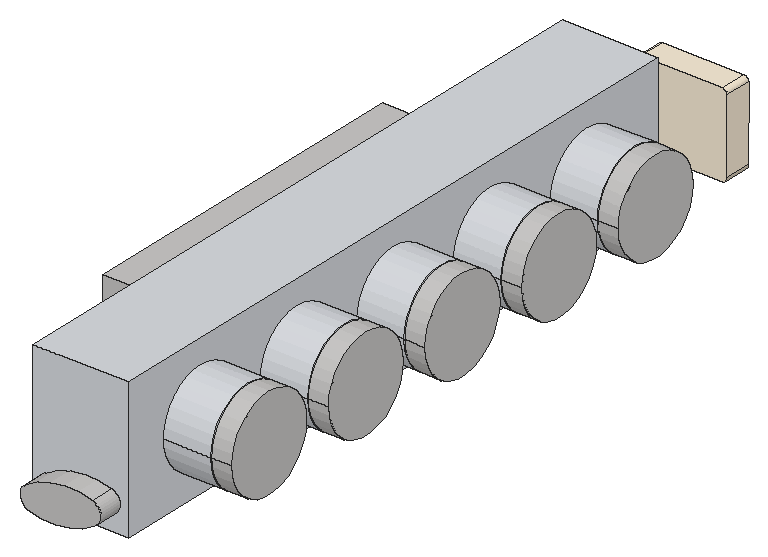
Revit family "HVAC_Ductwork_Airzone_Motorized-Plenum_LG_Standard_5-Dampers", category Mechanical Equipment, Revit 2016
Family settings
  Part Type = Normal
  Round Connector Dimension = Use Diameter
  OmniClass Number = 23.75.70.14
  OmniClass Title = Air Ductwork
  Work Plane-Based = No
  Always vertical = Yes
  Cut with Voids When Loaded = No
  Shared = No
  Room Calculation Point = No
Parameters (values of type "LGEST01S5")
  Voltage = 230 V
  URL = "www.airzone.es"
  Type Image Comments = "Image available in product documentation download"  # constant formula
  Revit Model Version = "1.0"  # constant formula
  Revit Model Author URL = "www.a3d.es"
  Revit Model Author = "A3D Consulting"  # constant formula
  Product Documentation Download URL = "http://doc.airzone.es/BIM/Easyzone/LG-Airzone_motorized_plenum.zip"
  Product Comments = "Refer to technical documentation for further details"  # constant formula
  Power Factor = 1
  Neck Width = 753.600 mm
  Neck Length = 95.000 mm
  Neck Height = 166.600 mm
  Material = Metal - AIRZONE - Galvanized Sheet - Semi-polished
  Main Control Board Material = Plastic - AIRZONE - Smooth - Off-white
  Load Classification = Other
  Insulated Body Width = 205.000 mm  # constant formula
  Insulated Body Material = Metal -AIRZONE - Insulating Lining -Aluminum Finish
  Insulated Body Length = 1425.000 mm  # constant formula
  Insulated Body Height = 300.000 mm  # constant formula
  Flow [instance] = Damper 5 Air Flow + Damper 4 Air Flow + Damper 3 Air Flow + Damper 2 Air Flow + Damper 1 Air Flow - Fresh Air Inlet 2 Flow - Fresh Air Inlet 1 Flow  # 1500 m³/h
  Fresh Air Inlet 1 Flow [instance] = 0 m³/h
  Fresh Air Inlet 2 Flow [instance] = 0 m³/h
  Fresh Air Inlet Connection Width = 175.000 mm
  Fresh Air Inlet Connection Height = 75.000 mm
  Model = "LGEST01S5"
  Neck Side Offset = 364.700 mm
  Neck Bottom Offset = 100.200 mm
  Type Image = <None>
  Manufacturer = "AIRZONE"  # constant formula
  Main Control Board Depth = 57.000 mm  # constant formula
  Main Control Board Width = 195.000 mm  # constant formula
  Main Control Board Height = 180.000 mm  # constant formula
  Fixing = ""
  Disclaimer = "All information provided in this model is reviewed before being published. However, Airzone cannot guarantee this model is error-free, therefore users are strongly encouraged to check for technical documentation and updates"  # constant formula
  Description = "Airzone standard motorized plenum with neck that mechanically adapts to the main ducted AC units of LG."
  Type Comments = ""
  Dampers Length = 149.000 mm  # constant formula
  Dampers Diameter = 200.000 mm  # constant formula
  Damper 5 Air Flow [instance] = 300 m³/h
  Damper 4 Air Flow [instance] = 300 m³/h
  Damper 1 Air Flow [instance] = 300 m³/h
  Damper 2 Air Flow [instance] = 300 m³/h
  Damper 3 Air Flow [instance] = 300 m³/h
  Fresh Air Inlet Connection Offset Height = 48.305 mm  # constant formula
  Compatible Accesories = ""
  Apparent Load = 57.5 VA
Types (6, lengths in mm): name | Neck Width | Neck Height | Model | Neck Side Offset | Neck Bottom Offset
  LGEST02L5 | 1209.600 | 203.600 | "LGEST02L5" | 110.700 | 63.200
  LGEST02M5 | 860.600 | 203.600 | "LGEST02M5" | 232.200 | 63.200
  LGEST02S5 | 860.600 | 203.600 | "LGEST02S5" | 282.200 | 63.200
  LGEST01L5 | 833.600 | 189.600 | "LGEST01L5" | 306.700 | 77.200
  LGEST01M5 | 833.600 | 189.600 | "LGEST01M5" | 306.700 | 77.200
  LGEST01S5 | 753.600 | 166.600 | "LGEST01S5" | 364.700 | 100.200
Reference planes
  plane 1 "Center (Front/Back)": y = 0
  plane 2 "Center (Elevation)": z = 0
  plane 3 "Center (Left/Right)": x = 0
  plane 4 "Neck Back": y = 376.8
  plane 5 "Neck Front": y = -376.8
  plane 6 "Neck Top": z = 83.3
  plane 7 "Neck Bottom": z = -83.3
  plane 8 "Left": x = 95
  plane 9 "Bottom": z = -183.5
  plane 10 "Top": z = 116.5
  plane 11 "Front": y = -683.5
  plane 12 "Back": y = 741.5
  plane 13 "Right": x = 300
  plane 14 "Dampers Front": x = 449
  plane 15 "Dampers Center (Elevation)": z = -33.5
  plane 16 "Damper3": y = 29
  plane 17 "Damper2": y = 289
  plane 18 "Damper1": y = 549
  plane 19 "Middle": y = 29
  plane 20 "FreshAir Center (Elevation)": z = -135.195
  plane 21 "FreshAir1": y = 794
  plane 22 "FreshAir2": y = -736
  plane 23 "Dampers Lining": x = 404
  plane 24 "FreshAir Vertical Axis": x = 195.83
  plane 25 "ConnectionBox Side": x = 254
  plane 26 "Main Control Board Center (Left/Right)": x = 351.5
  plane 27 "Damper4": y = -231
  plane 28 "Damper5": y = -491
Forms (mm)
  Extrusion 1, solid, material "Metal - AIRZONE - Galvanized Sheet - Semi-polished" <- "Material"
    sketch origin (0, 0, 0) x (0, 1, 0) y (0, 0, 1)
      loop
        line (-376.8, 83.3) -> (-376.8, -83.3) -> (376.8, -83.3) -> (376.8, 83.3) -> (-376.8, 83.3)
    from 0 to 95
  Extrusion 2, solid, material "Metal -AIRZONE - Insulating Lining -Aluminum Finish" <- "Insulated Body Material"
    sketch origin (95, 0, 0) x (0, 1, 0) y (0, 0, 1)
      loop
        line (-683.5, 116.5) -> (-683.5, -183.5) -> (741.5, -183.5) -> (741.5, 116.5) -> (-683.5, 116.5)
    from 0 to 205
  Extrusion 3, solid, material "Metal - AIRZONE - Galvanized Sheet - Semi-polished" <- "Material"
    sketch origin (300, 0, 0) x (0, 1, 0) y (0, 0, 1)
      loop
        circle (29, -33.5) r 100
    from 104 to 149
  Extrusion 4, solid, material "Metal - AIRZONE - Galvanized Sheet - Semi-polished" <- "Material"
    sketch origin (300, 0, 0) x (0, 1, 0) y (0, 0, 1)
      loop
        circle (289, -33.5) r 100
    from 104 to 149
  Extrusion 5, solid, material "Metal - AIRZONE - Galvanized Sheet - Semi-polished" <- "Material"
    sketch origin (300, 0, 0) x (0, 1, 0) y (0, 0, 1)
      loop
        circle (549, -33.5) r 100
    from 104 to 149
  Extrusion 6, solid, material "Metal - AIRZONE - Galvanized Sheet - Semi-polished" <- "Material"
    sketch origin (0, -683.5, 0) x (0, 0, 1) y (1, 0, 0)
      loop
        arc (-102.641, 265.204) -> (-124.108, 282.105) -> (-148.812, 270.434) r 25.96
        arc (-148.812, 270.434) -> (-174.802, 200.598) -> (-167.349, 126.456) r 164.67
        arc (-167.349, 126.456) -> (-146.165, 109.589) -> (-121.494, 120.751) r 25.96
        arc (-121.494, 120.751) -> (-95.225, 190.78) -> (-102.641, 265.204) r 164.67
    from 0 to -52.5
  Extrusion 7, solid, material "Metal - AIRZONE - Galvanized Sheet - Semi-polished" <- "Material"
    sketch origin (0, 741.5, 0) x (0, 0, 1) y (1, 0, 0)
      loop
        arc (-102.641, 265.204) -> (-123.825, 282.071) -> (-148.496, 270.909) r 25.96
        arc (-148.496, 270.909) -> (-174.679, 201.53) -> (-167.767, 127.699) r 164.67
        arc (-167.767, 127.699) -> (-146.532, 109.637) -> (-121.178, 121.226) r 25.96
        arc (-121.178, 121.226) -> (-95.188, 191.062) -> (-102.641, 265.204) r 164.67
    from 0 to 52.5
  Extrusion 8, solid, material "Metal -AIRZONE - Insulating Lining -Aluminum Finish" <- "Insulated Body Material"
    sketch origin (300, 0, 0) x (0, 1, 0) y (0, 0, 1)
      loop
        circle (549, -33.5) r 100
    from 0 to 104
  Extrusion 9, solid, material "Metal -AIRZONE - Insulating Lining -Aluminum Finish" <- "Insulated Body Material"
    sketch origin (300, -260, 0) x (0, 1, 0) y (0, 0, 1)
      loop
        circle (549, -33.5) r 100
    from 0 to 104
  Extrusion 10, solid, material "Metal -AIRZONE - Insulating Lining -Aluminum Finish" <- "Insulated Body Material"
    sketch origin (300, -520, 0) x (0, 1, 0) y (0, 0, 1)
      loop
        circle (549, -33.5) r 100
    from 0 to 104
  Extrusion 11, solid, material "Metal - AIRZONE - Galvanized Sheet - Semi-polished" <- "Material"
    sketch origin (300, -190, 0) x (0, 1, 0) y (0, 0, 1)
      loop
        circle (-41, -33.5) r 100
    from 104 to 149
  Extrusion 12, solid, material "Metal -AIRZONE - Insulating Lining -Aluminum Finish" <- "Insulated Body Material"
    sketch origin (300, -710, 0) x (0, 1, 0) y (0, 0, 1)
      loop
        circle (479, -33.5) r 100
    from 0 to 104
  Extrusion 13, solid, material "Metal -AIRZONE - Insulating Lining -Aluminum Finish" <- "Insulated Body Material"
    sketch origin (300, -970, 0) x (0, 1, 0) y (0, 0, 1)
      loop
        circle (479, -33.5) r 100
    from 0 to 104
  Extrusion 14, solid, material "Metal - AIRZONE - Galvanized Sheet - Semi-polished" <- "Material"
    sketch origin (300, -450, 0) x (0, 1, 0) y (0, 0, 1)
      loop
        circle (-41, -33.5) r 100
    from 104 to 149
Lines and regions (mm)
  Masking region 1
    outline origin (0, 0, 0) x (1, 0, 0) y (0, 1, 0)
      loop
        line (95, 741.5) -> (95, -683.5) -> (300, -683.5) -> (300, 741.5) -> (95, 741.5)
  Masking region 2, detail levels medium+fine
    outline origin (0, 0, 0) x (1, 0, 0) y (0, 1, 0)
      loop
        line (0, 376.8) -> (0, -376.8) -> (95, -376.8) -> (95, 376.8) -> (0, 376.8)
  Masking region 3, detail levels medium+fine
    outline origin (0, 0, 0) x (1, 0, 0) y (0, 1, 0)
      loop
        line (300, 129) -> (300, -71) -> (449, -71) -> (449, 129) -> (300, 129)
  Masking region 4, detail levels medium+fine
    outline origin (0, 260, 0) x (1, 0, 0) y (0, 1, 0)
      loop
        line (300, 129) -> (300, -71) -> (449, -71) -> (449, 129) -> (300, 129)
  Masking region 5, detail levels medium+fine
    outline origin (0, 520, 0) x (1, 0, 0) y (0, 1, 0)
      loop
        line (300, 129) -> (300, -71) -> (449, -71) -> (449, 129) -> (300, 129)
  Masking region 6, detail levels medium+fine
    outline origin (0, 0, -135.195) x (1, 0, 0) y (0, 1, 0)
      loop
        line (108.33, 794) -> (108.33, 741.5) -> (283.33, 741.5) -> (283.33, 794) -> (108.33, 794)
  Masking region 7, detail levels medium+fine
    outline origin (0, 0, -135.195) x (1, 0, 0) y (0, 1, 0)
      loop
        line (108.33, -683.5) -> (108.33, -736) -> (283.33, -736) -> (283.33, -683.5) -> (108.33, -683.5)
  Masking region 8, detail levels medium+fine
    outline origin (0, 0, 116.5) x (0, -1, 0) y (1, 0, 0)
      loop
        line (-798.5, 254) -> (-741.5, 254) -> (-741.5, 449) -> (-798.5, 449) -> (-798.5, 254)
  Masking region 9, detail levels medium+fine
    outline origin (0, -190, 0) x (1, 0, 0) y (0, 1, 0)
      loop
        line (300, 59) -> (300, -141) -> (449, -141) -> (449, 59) -> (300, 59)
  Masking region 10, detail levels medium+fine
    outline origin (0, -450, 0) x (1, 0, 0) y (0, 1, 0)
      loop
        line (300, 59) -> (300, -141) -> (449, -141) -> (449, 59) -> (300, 59)
  symbolic lines, detail levels coarse
    curve 1: line (95, -683.5, 0) -> (300, 29, 0)
    curve 2: line (300, 29, 0) -> (95, 741.5, 0)
Dimensions and locks
  equal spacing: plane 4 "Neck Back", plane 1 "Center (Front/Back)", plane 5 "Neck Front"
  "Neck Width": plane 4 "Neck Back" to plane 5 "Neck Front"
  equal spacing: plane 6 "Neck Top", level, plane 7 "Neck Bottom"
  "Neck Height": plane 6 "Neck Top" to plane 7 "Neck Bottom"
  "Neck Length": plane 3 "Center (Left/Right)" to plane 8 "Left"
  "Neck Bottom Offset": plane 7 "Neck Bottom" to plane 9 "Bottom"
  "Insulated Body Height": plane 10 "Top" to plane 9 "Bottom"
  "Insulated Body Length": plane 12 "Back" to plane 11 "Front"
  "Insulated Body Width": plane 8 "Left" to plane 13 "Right"
  "Dampers Length": plane 13 "Right" to plane 14 "Dampers Front"
  equal spacing: plane 10 "Top", plane 15 "Dampers Center (Elevation)", plane 9 "Bottom"
  equal spacing: plane 12 "Back", plane 19 "Middle", plane 11 "Front"
  plane 8 "Left" to plane 13 "Right" = 205.000 mm
  "Fresh Air Inlet Connection Offset Height": plane 20 "FreshAir Center (Elevation)" to plane 9 "Bottom"
  locked: Extrusion 6 sketch curve to plane 9 "Bottom" at 56.47
  locked: plane 13 "Right" to Extrusion 6 sketch curve at 43.69
  locked: plane 13 "Right" to Extrusion 6 sketch curve at 164.65
  locked: Extrusion 6 sketch curve to plane 9 "Bottom" at 40.54
  locked: plane 13 "Right" to Extrusion 6 sketch curve at 87.91
  locked: plane 9 "Bottom" to Extrusion 6 sketch curve at 75.01
  locked: plane 13 "Right" to Extrusion 6 sketch curve at 120.43
  locked: Extrusion 6 sketch curve to plane 9 "Bottom" at 172.02
  locked: plane 13 "Right" to Extrusion 7 sketch curve at 43.69
  locked: Extrusion 7 sketch curve to plane 9 "Bottom" at 56.47
  locked: Extrusion 7 sketch curve to plane 9 "Bottom" at 40.54
  locked: plane 13 "Right" to Extrusion 7 sketch curve at 164.65
  locked: plane 13 "Right" to Extrusion 7 sketch curve at 120.43
  locked: Extrusion 7 sketch curve to plane 9 "Bottom" at 172.02
  locked: plane 9 "Bottom" to Extrusion 7 sketch curve at 75.01
  locked: plane 13 "Right" to Extrusion 7 sketch curve at 87.91
  "Neck Side Offset": plane 12 "Back" to plane 4 "Neck Back"
  locked: plane 21 "FreshAir1" to plane 12 "Back" at 52.5
  plane 11 "Front" to plane 22 "FreshAir2" = 52.500 mm
  locked: connector elem to plane 13 "Right" at 104.17
  locked: plane 20 "FreshAir Center (Elevation)" to connector elem
  locked: plane 13 "Right" to connector elem at 104.17
  locked: connector elem to plane 20 "FreshAir Center (Elevation)"
  locked: plane 23 "Dampers Lining" to plane 14 "Dampers Front" at 45
  locked: plane 24 "FreshAir Vertical Axis" to plane 13 "Right" at 104.17
  equal spacing: Masking region 3 sketch curve, plane 16 "Damper3", Masking region 3 sketch curve
  "Dampers Diameter": Masking region 3 sketch curve to Masking region 3 sketch curve
  "Dampers Diameter": Masking region 4 sketch curve to Masking region 4 sketch curve
  equal spacing: Masking region 5 sketch curve, plane 18 "Damper1", Masking region 5 sketch curve
  "Dampers Diameter": Masking region 5 sketch curve to Masking region 5 sketch curve
  equal spacing: Masking region 6 sketch curve, plane 24 "FreshAir Vertical Axis", Masking region 6 sketch curve
  "Fresh Air Inlet Connection Width": Masking region 6 sketch curve to Masking region 6 sketch curve
  equal spacing: Masking region 7 sketch curve, plane 24 "FreshAir Vertical Axis", Masking region 7 sketch curve
  "Fresh Air Inlet Connection Width": Masking region 7 sketch curve to Masking region 7 sketch curve
  "Main Control Board Depth": Masking region 8 sketch curve to plane 12 "Back"
  "Main Control Board Width": plane 25 "ConnectionBox Side" to plane 14 "Dampers Front"
  equal spacing: plane 25 "ConnectionBox Side", plane 26 "Main Control Board Center (Left/Right)", plane 14 "Dampers Front"
  locked: nested 1 to plane 10 "Top" at 10
  equal spacing: Masking region 4 sketch curve, plane 17 "Damper2", Masking region 4 sketch curve
  equal spacing: Masking region 9 sketch curve, plane 27 "Damper4", Masking region 9 sketch curve
  "Dampers Diameter": Masking region 9 sketch curve to Masking region 9 sketch curve
  plane 18 "Damper1" to plane 17 "Damper2" to plane 16 "Damper3" to plane 27 "Damper4" to plane 28 "Damper5" = 260.000 mm locked, 260.000 mm locked, 260.000 mm locked, 260.000 mm locked
  locked: plane 19 "Middle" to plane 16 "Damper3"
  equal spacing: Masking region 10 sketch curve, plane 28 "Damper5", Masking region 10 sketch curve
  "Dampers Diameter": Masking region 10 sketch curve to Masking region 10 sketch curve
  "Dampers Diameter": diameter of Extrusion 3 sketch curve
  "Dampers Diameter": diameter of Extrusion 4 sketch curve
  "Dampers Diameter": diameter of Extrusion 5 sketch curve
  radius of Extrusion 7 sketch curve = 164.670 mm  (x2)
  radius of Extrusion 7 sketch curve = 25.960 mm  (x2)
  radius of Extrusion 6 sketch curve = 164.670 mm  (x2)
  radius of Extrusion 6 sketch curve = 25.960 mm  (x2)
  "Dampers Diameter": diameter of Extrusion 8 sketch curve
  "Dampers Diameter": diameter of Extrusion 9 sketch curve
  "Dampers Diameter": diameter of Extrusion 10 sketch curve
  "Dampers Diameter": diameter of Extrusion 11 sketch curve
  "Dampers Diameter": diameter of Extrusion 12 sketch curve
  "Dampers Diameter": diameter of Extrusion 13 sketch curve
  "Dampers Diameter": diameter of Extrusion 14 sketch curve
  aligned and locked: level to plane 2 "Center (Elevation)"
  aligned and locked: plane 5 "Neck Front" to Extrusion 1 sketch curve
  aligned and locked: Extrusion 1 sketch curve to plane 6 "Neck Top"
  aligned and locked: Extrusion 1 sketch curve to plane 4 "Neck Back"
  aligned and locked: plane 7 "Neck Bottom" to Extrusion 1 sketch curve
  aligned and locked: Extrusion 1 to plane 3 "Center (Left/Right)"
  aligned and locked: Extrusion 2 sketch curve to plane 10 "Top"
  aligned and locked: Extrusion 2 sketch curve to plane 12 "Back"
  aligned and locked: plane 9 "Bottom" to Extrusion 2 sketch curve
  aligned and locked: plane 11 "Front" to Extrusion 2 sketch curve
  aligned and locked: plane 13 "Right" to Extrusion 2
  aligned and locked: Extrusion 2 to plane 8 "Left"
  aligned and locked: plane 16 "Damper3" to Extrusion 3 sketch curve
  aligned and locked: plane 15 "Dampers Center (Elevation)" to Extrusion 3 sketch curve
  aligned and locked: plane 15 "Dampers Center (Elevation)" to Extrusion 4 sketch curve
  aligned and locked: plane 18 "Damper1" to Extrusion 5 sketch curve
  aligned and locked: plane 15 "Dampers Center (Elevation)" to Extrusion 5 sketch curve
  aligned and locked: plane 14 "Dampers Front" to Extrusion 5
  aligned and locked: plane 14 "Dampers Front" to Extrusion 4
  aligned and locked: plane 14 "Dampers Front" to Extrusion 3
  aligned and locked: plane 8 "Left" to Extrusion 1
  aligned and locked: plane 22 "FreshAir2" to Extrusion 6
  aligned and locked: plane 21 "FreshAir1" to Extrusion 7
  aligned and locked: Extrusion 7 to plane 12 "Back"
  aligned and locked: plane 11 "Front" to Extrusion 6
  aligned and locked: Extrusion 5 to plane 23 "Dampers Lining"
  aligned and locked: Extrusion 5 to Extrusion 4
  aligned and locked: Extrusion 4 to Extrusion 3
  aligned and locked: plane 23 "Dampers Lining" to Extrusion 8
  aligned and locked: Extrusion 10 to plane 13 "Right"
  aligned and locked: plane 23 "Dampers Lining" to Extrusion 10
  aligned and locked: Extrusion 9 to plane 13 "Right"
  aligned and locked: plane 23 "Dampers Lining" to Extrusion 9
  aligned and locked: Extrusion 8 to plane 13 "Right"
  aligned and locked: Extrusion 9 to Extrusion 8
  aligned and locked: plane 18 "Damper1" to Extrusion 8 sketch curve
  aligned and locked: plane 15 "Dampers Center (Elevation)" to Extrusion 8 sketch curve
  aligned and locked: plane 15 "Dampers Center (Elevation)" to Extrusion 9 sketch curve
  aligned and locked: plane 16 "Damper3" to Extrusion 10 sketch curve
  aligned and locked: plane 15 "Dampers Center (Elevation)" to Extrusion 10 sketch curve
  aligned and locked: Masking region 1 sketch curve to plane 12 "Back"
  aligned and locked: plane 8 "Left" to Masking region 1 sketch curve
  aligned and locked: Masking region 1 sketch curve to plane 13 "Right"
  aligned and locked: plane 11 "Front" to Masking region 1 sketch curve
  aligned and locked: plane 5 "Neck Front" to Masking region 2 sketch curve
  aligned and locked: plane 3 "Center (Left/Right)" to Masking region 2 sketch curve
  aligned and locked: Masking region 2 sketch curve to plane 4 "Neck Back"
  aligned and locked: Masking region 2 sketch curve to plane 8 "Left"
  aligned and locked: plane 13 "Right" to Masking region 3 sketch curve
  aligned and locked: Masking region 3 sketch curve to plane 14 "Dampers Front"
  aligned and locked: plane 13 "Right" to Masking region 4 sketch curve
  aligned and locked: Masking region 4 sketch curve to plane 14 "Dampers Front"
  aligned and locked: plane 13 "Right" to Masking region 5 sketch curve
  aligned and locked: Masking region 5 sketch curve to plane 14 "Dampers Front"
  aligned and locked: plane 12 "Back" to Masking region 6 sketch curve
  aligned and locked: Masking region 6 sketch curve to plane 21 "FreshAir1"
  aligned and locked: Masking region 7 sketch curve to plane 11 "Front"
  aligned and locked: Masking region 7 sketch curve to plane 22 "FreshAir2"
  aligned and locked: plane 12 "Back" to Masking region 8 sketch curve
  aligned and locked: Masking region 8 sketch curve to plane 14 "Dampers Front"
  aligned and locked: plane 25 "ConnectionBox Side" to Masking region 8 sketch curve
  aligned and locked: plane 17 "Damper2" to Extrusion 9 sketch curve
  aligned and locked: plane 17 "Damper2" to Extrusion 4 sketch curve
  aligned and locked: Masking region 9 sketch curve to plane 14 "Dampers Front"
  aligned and locked: plane 13 "Right" to Masking region 9 sketch curve
  aligned and locked: Extrusion 12 to plane 13 "Right"
  aligned and locked: plane 23 "Dampers Lining" to Extrusion 12
  aligned and locked: Extrusion 11 to plane 23 "Dampers Lining"
  aligned and locked: plane 14 "Dampers Front" to Extrusion 11
  aligned and locked: plane 15 "Dampers Center (Elevation)" to Extrusion 12 sketch curve
  aligned and locked: plane 27 "Damper4" to Extrusion 12 sketch curve
  aligned and locked: plane 15 "Dampers Center (Elevation)" to Extrusion 11 sketch curve
  aligned and locked: plane 27 "Damper4" to Extrusion 11 sketch curve
  aligned and locked: Masking region 10 sketch curve to plane 14 "Dampers Front"
  aligned and locked: plane 13 "Right" to Masking region 10 sketch curve
  aligned and locked: plane 28 "Damper5" to Extrusion 13 sketch curve
  aligned and locked: plane 15 "Dampers Center (Elevation)" to Extrusion 13 sketch curve
  aligned and locked: Extrusion 14 to plane 23 "Dampers Lining"
  aligned and locked: plane 14 "Dampers Front" to Extrusion 14
  aligned and locked: plane 15 "Dampers Center (Elevation)" to Extrusion 14 sketch curve
  aligned and locked: plane 28 "Damper5" to Extrusion 14 sketch curve
  aligned and locked: nested 1 to plane 26 "Main Control Board Center (Left/Right)"
Automatic sketch dimensions
  curve 2 to plane 8 "Left" = 0.000 mm
  curve 1 to plane 8 "Left" = 0.000 mm
  curve 2 to plane 13 "Right" = 0.000 mm
  curve 1 to plane 11 "Front" = 0.000 mm
  curve 2 to plane 16 "Damper3" = 0.000 mm
  curve 2 to plane 12 "Back" = 0.000 mm
Nested families
  nested 1: "Airzone_Main-Control-Board" at (351.5, 741.5, 16.5) x (-1, 0, 0) z (0, 1, 0), Extrusion <- "Main Control Board Depth", Height <- "Main Control Board Height", Width <- "Main Control Board Width", Material <- "Main Control Board Material", type "Standard"
    with Width 195.000 mm, Material Plastic - AIRZONE - Smooth - Off-white, Height 180.000 mm, Extrusion 57.000 mm
Connectors
  hvac at (449, 29, -33.5), driven by "Damper 3 Air Flow", driven by "Dampers Diameter"
    settings: on Extrusion 3, index 1, duct flow 300 m³/h, flow factor 0, pres drop 0.0 Pa, loss coef 0, conn angle 0.00°, conn width 304.8 mm, conn height 304.8 mm, conn diameter 200 mm, duct sys type 1, conn prof type 0, flow config 0, flow direction 2, loss method 0, conn ref index -1, conn util no, is conn primary no, conn desc "Supply Air Out 3"
  hvac at (449, 289, -33.5), driven by "Damper 2 Air Flow", driven by "Dampers Diameter"
    settings: on Extrusion 4, index 2, duct flow 300 m³/h, flow factor 0, pres drop 0.0 Pa, loss coef 0, conn angle 0.00°, conn width 304.8 mm, conn height 304.8 mm, conn diameter 200 mm, duct sys type 1, conn prof type 0, flow config 0, flow direction 2, loss method 0, conn ref index -1, conn util no, is conn primary no, conn desc "Supply Air Out 2"
  hvac at (449, 549, -33.5), driven by "Damper 1 Air Flow", driven by "Dampers Diameter"
    settings: on Extrusion 5, index 3, duct flow 300 m³/h, flow factor 0, pres drop 0.0 Pa, loss coef 0, conn angle 0.00°, conn width 304.8 mm, conn height 304.8 mm, conn diameter 200 mm, duct sys type 1, conn prof type 0, flow config 0, flow direction 2, loss method 0, conn ref index -1, conn util no, is conn primary no, conn desc "Supply Air Out 1"
  hvac at (0, 0, 0), driven by "Flow", driven by "Neck Height", driven by "Neck Width"
    settings: on Extrusion 1, index 6, duct flow 1500 m³/h, flow factor 0, pres drop 0.0 Pa, loss coef 0, conn angle 0.00°, conn width 753.6 mm, conn height 166.6 mm, conn diameter 609.6 mm, duct sys type 1, conn prof type 1, flow config 1, flow direction 1, loss method 0, conn ref index -1, conn util no, is conn primary yes, conn desc "Supply Air In"
  hvac at (195.83, -736, -135.195), driven by "Fresh Air Inlet 2 Flow", driven by "Fresh Air Inlet Connection Width", driven by "Fresh Air Inlet Connection Height"
    settings: index 7, duct flow 0 m³/h, flow factor 0, pres drop 0.0 Pa, loss coef 0, conn angle 0.00°, conn width 175 mm, conn height 75 mm, conn diameter 609.6 mm, duct sys type 1, conn prof type 2, flow config 1, flow direction 1, loss method 0, conn ref index -1, conn util no, is conn primary no, conn desc "Fresh Air In 2"
  hvac at (195.83, 794, -135.195), driven by "Fresh Air Inlet 1 Flow", driven by "Fresh Air Inlet Connection Height", driven by "Fresh Air Inlet Connection Width"
    settings: index 8, duct flow 0 m³/h, flow factor 0, pres drop 0.0 Pa, loss coef 0, conn angle 0.00°, conn width 175 mm, conn height 75 mm, conn diameter 609.6 mm, duct sys type 1, conn prof type 2, flow config 1, flow direction 1, loss method 0, conn ref index -1, conn util no, is conn primary no, conn desc "Fresh Air In 1"
  hvac at (449, -231, -33.5), driven by "Damper 4 Air Flow", driven by "Dampers Diameter"
    settings: on Extrusion 11, index 9, duct flow 300 m³/h, flow factor 0, pres drop 0.0 Pa, loss coef 0, conn angle 0.00°, conn width 304.8 mm, conn height 304.8 mm, conn diameter 200 mm, duct sys type 1, conn prof type 0, flow config 0, flow direction 2, loss method 0, conn ref index -1, conn util no, is conn primary no, conn desc "Supply Air Out 4"
  hvac at (449, -491, -33.5), driven by "Damper 5 Air Flow", driven by "Dampers Diameter"
    settings: on Extrusion 14, index 10, duct flow 300 m³/h, flow factor 0, pres drop 0.0 Pa, loss coef 0, conn angle 0.00°, conn width 304.8 mm, conn height 304.8 mm, conn diameter 200 mm, duct sys type 1, conn prof type 0, flow config 0, flow direction 2, loss method 0, conn ref index -1, conn util no, is conn primary no, conn desc "Supply Air Out 5"
  electrical at (351.5, 798.5, 16.5), driven by "Load Classification", driven by "Voltage", driven by "Apparent Load", driven by "Power Factor"
    settings: on nested 1, index 11, voltage 230 V, apparent load 57.5 VA, apparent load phase1 0 VA, apparent load phase2 0 VA, apparent load phase3 0 VA, power factor 1, load classification "Other", number of poles 1, system type 30, power factor state 1, is connector primary yes, connector utility no, sub classification motor no, connector description "Power Supply"
Definition of nested family "Airzone_Main-Control-Board"
  Parameters (values of type "Standard")
    Width [instance] = 195.000 mm
    URL = "www.airzone.es"
    Revit Model Version = "1.0"  # constant formula
    Revit Model Author URL = "www.a3d.es"
    Revit Model Author = "A3D Consulting"  # constant formula
    Material [instance] = none
    Manufacturer = "AIRZONE"  # constant formula
    Height [instance] = 180.000 mm
    Extrusion [instance] = 57.000 mm
    Default Elevation = 0.000 mm
  Reference planes
    plane 1 "Center (Front/Back)": y = 0
    plane 2: z = 0
    plane 3 "Center (Left/Right)": x = 0
    plane 4: y = 90
    plane 5: y = -90
    plane 6: x = 97.5
    plane 7: x = -97.5
  Forms (mm)
    Extrusion 1, solid, material <- "Material"
      sketch origin (0, 0, 0) x (1, 0, 0) y (0, 1, 0)
        loop
          arc (-87.5, 90) -> (-94.571, 87.071) -> (-97.5, 80) r 10
          line (-97.5, 80) -> (-97.5, -80)
          arc (-97.5, -80) -> (-94.571, -87.071) -> (-87.5, -90) r 10
          line (-87.5, -90) -> (87.5, -90)
          arc (87.5, -90) -> (94.571, -87.071) -> (97.5, -80) r 10
          line (97.5, -80) -> (97.5, 80)
          arc (97.5, 80) -> (94.571, 87.071) -> (87.5, 90) r 10
          line (87.5, 90) -> (-87.5, 90)
      from 0 to 57 <- "Extrusion"
  Dimensions and locks
    equal spacing: plane 7, plane 3 "Center (Left/Right)", plane 6
    equal spacing: plane 4, plane 1 "Center (Front/Back)", plane 5
    "Width": plane 7 to plane 6
    "Height": plane 4 to plane 5
    radius of Extrusion 1 sketch curve = 10.000 mm  (x4)
    aligned and locked: level to plane 2
    aligned and locked: plane 5 to Extrusion 1 sketch curve
    aligned and locked: Extrusion 1 sketch curve to plane 6
    aligned and locked: Extrusion 1 sketch curve to plane 4
    aligned and locked: plane 7 to Extrusion 1 sketch curve
